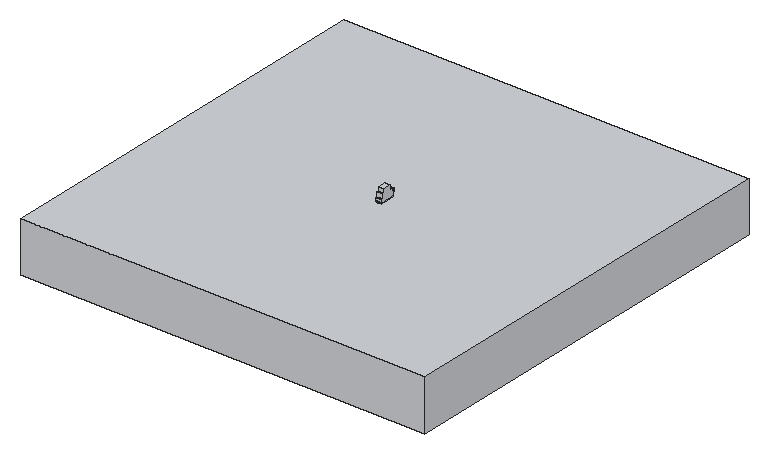
Revit family "Gira_545200", category Elektroinstallationen, Revit 2017
Family settings
  Basisbauteil = Fläche
  Beschriftungsausrichtung beibehalten = Nein
  Bemaßung runder Anschluss = Durchmesser verwenden
  Teiletyp = Normal
  Beim Laden mit Abzugskörper schneiden = Nein
  Gemeinsam genutzt = Nein
  Raumberechnungspunkt = Nein
Parameters (values of type "Funk Empfangsmodul REG Gira eNet")
  Zusammenstellung = ""
  Werkstoffgüte = ""
  Werkstoff Text = ""
  Default Elevation = 1219.2 mm
  Vor Ort-/Handbedienung = no
  Verwendbar mit Zeitschalter/Timer = no
  Verwendbar mit Taste = no
  Verwendbar mit Präsenzmelder = no
  Verwendbar mit IR-Taste = no
  Verwendbar mit Funktaste = no
  Verwendbar mit Bewegungsmelder = no
  Verschiedene Phasen anschließbar = no
  URL = "https://www.gira.de/"
  Typname = "Funk Empfangsmodul REG Gira eNet"
  Type Comments = ""
  Transparent = no
  Stromart = ""
  Seriendimmer = no
  Schutzart (IP) = ""
  Produktseite = "https://media.stage.bim.site/t/eyJhbGciOiJIUzI1NiIsInR5cCI6IkpXVCJ9.eyJjdCI6MiwidHUiOiJodHRwOi8va2F0YWxvZy5naXJhLmRlL2RlX0RFL2RhdGVuYmxhdHQuaHRtbD9hcnRpa2VsbnI9NTQ1MjAwIiwiY2lkIjoiMzI3N2NjMjMtODFhOS00ZWUzLWE5MGEtYjQ3YmI0YzBiNjE2IiwicmlkIjoiOWY4NzUwMzk3MjY3YmZmNWQ5NjU0NTY3ZjI1YmM0NGQiLCJwaWQiOiI5ZWI1ODUzZTAyNjVmNDQ3ZjliOTk0NjlkNTc1Y2NiZDUyODA0MzVkIiwic2lkIjoiNjM0NzAiLCJ1dCI6MSwibGMiOiJkZSIsImlhdCI6MTYwMDk0MDUzNywiaXNzIjoiaHR0cHM6Ly9hcGkubGl2ZS5iaW0uc2l0ZSIsInN1YiI6ImFkbWluQGJpbXNpdGUuZGV2In0.c9EuzbcXhOHO7Euaghd8JF8TNC1o2RAzfvtooBsJbfI"
  Parallel-Betrieb möglich = no
  Oberfläche Text = ""
  Nennspannung [Volt] = ""
  Nebenstelleneingang = no
  Montageart = ""
  Modulare Erweiterungsmöglichkeit = no
  Model = ""
  Mit LED-Anzeige = no
  Mit Busankopplung = no
  Mit Beschriftungsfeld = no
  Max. Schaltleistung [Voltampere] = 0
  Max. Anzahl der Schaltausgänge = 0
  Max. Anzahl der Jalousieausgänge = 0
  Lichtwertspeicher = no
  Leistungszusatz verwendbar = no
  Lastart = ""
  Kosten = 0
  Installationstechnik = ""
  Hersteller = "Gira"
  HeinzeBIM = "https://www.heinze.de/bim/funk-empfangsmodul-reg-gira-enet/9eb5853e0265f447f9b99469d575ccbd5280435d"
  Halogenfrei = no
  HAN = "545200"
  Geeignet für Schutzart (IP) = ""
  Geeignet für C-Last = no
  GTIN = "4010337774303"
  Funktion Schalten = no
  Funktion = ""
  Funk bidirektional = no
  Frequenz [Hz] = ""
  Farbe = ""
  Dimmung Phasenanschnitt = no
  Dimmung Phasenabschnitt = no
  Datenblatt 1 = "https://media.stage.bim.site/t/eyJhbGciOiJIUzI1NiIsInR5cCI6IkpXVCJ9.eyJjdCI6MSwidGYiOiJwdWJsaWMvZ2lyYS9hZThjNTU3LzU0NTIwMC50eHQiLCJjaWQiOiIzMjc3Y2MyMy04MWE5LTRlZTMtYTkwYS1iNDdiYjRjMGI2MTYiLCJyaWQiOiI5Zjg3NTAzOTcyNjdiZmY1ZDk2NTQ1NjdmMjViYzQ0ZCIsInBpZCI6IjllYjU4NTNlMDI2NWY0NDdmOWI5OTQ2OWQ1NzVjY2JkNTI4MDQzNWQiLCJzaWQiOiI2MzQ3MCIsInV0IjoxLCJsYyI6ImRlIiwiaWF0IjoxNjAwOTQwNTM3LCJpc3MiOiJodHRwczovL2FwaS5saXZlLmJpbS5zaXRlIiwic3ViIjoiYWRtaW5AYmltc2l0ZS5kZXYifQ.IZCjpQkYEjfqARWX6xsUj-2AZvLWXbPr6oja-W6l44Q/545200.txt"
  Datenblatt = "https://media.stage.bim.site/t/eyJhbGciOiJIUzI1NiIsInR5cCI6IkpXVCJ9.eyJjdCI6MSwidHUiOiJodHRwczovL2thdGFsb2cuZ2lyYS5kZS9kZV9ERS9kb3dubG9hZC5odG1sP2FydGlrZWxucj01NDUyMDAiLCJjaWQiOiIzMjc3Y2MyMy04MWE5LTRlZTMtYTkwYS1iNDdiYjRjMGI2MTYiLCJyaWQiOiI5Zjg3NTAzOTcyNjdiZmY1ZDk2NTQ1NjdmMjViYzQ0ZCIsInBpZCI6IjllYjU4NTNlMDI2NWY0NDdmOWI5OTQ2OWQ1NzVjY2JkNTI4MDQzNWQiLCJzaWQiOiI2MzQ3MCIsInV0IjoxLCJsYyI6ImRlIiwiaWF0IjoxNjAwOTQwNTM3LCJpc3MiOiJodHRwczovL2FwaS5saXZlLmJpbS5zaXRlIiwic3ViIjoiYWRtaW5AYmltc2l0ZS5kZXYifQ.lVVm_qpu50cs_aXuQWQPrIPZ-wmf_R6ovYVtAsSeJro"
  Bussystem Powernet = no
  Bussystem LON = no
  Bussystem KNX-Funk = no
  Bussystem KNX = no
  Bussystem Funkbus = no
  Breite in Teilungseinheiten = 0
  Beschreibung = "eNet Funk Empfangsmodul  REG Merkmale:  Das eNet Funk Empfangsmodul ist ein Funkempfänger für max. 32 eNet Funk Reiheneinbaumodule.  Betrieb mit Spannungsversorgung.  Integrierte Antenne.  Externe Antenne zusätzlich anschließbar bei ungünstigen Einbaubedingungen.  Hinweise :  Die Funkzulassung gilt für Staaten der EU und EFTA.  Beim Einbau in Verteilerschrank bzw. Unterverteilung mit Metallgehäuse ist eine Zusatzantenne erforderlich. Die Zusatzantenne ist außerhalb des Metallgehäuses zu platzieren."
  Befestigungsart = ""
  Bedienungsart = ""
  Assembly Code = ""
  Keynote = ""
  BIMSITE_PRODUCT_ID = "9eb5853e0265f447f9b99469d575ccbd5280435d"
  BIM = "https://media.stage.bim.site/t/eyJhbGciOiJIUzI1NiIsInR5cCI6IkpXVCJ9.eyJjdCI6MSwidGYiOiJwdWJsaWMvZ2lyYS9hZThjNTU3L0dpcmEgWDEgUkVHIEtOWC5yZmEiLCJjaWQiOiIzMjc3Y2MyMy04MWE5LTRlZTMtYTkwYS1iNDdiYjRjMGI2MTYiLCJyaWQiOiI5Zjg3NTAzOTcyNjdiZmY1ZDk2NTQ1NjdmMjViYzQ0ZCIsInBpZCI6IjllYjU4NTNlMDI2NWY0NDdmOWI5OTQ2OWQ1NzVjY2JkNTI4MDQzNWQiLCJzaWQiOiI2MzQ3MCIsInV0Ijo1LCJsYyI6ImRlIiwiaWF0IjoxNjAwOTQwNTM3LCJpc3MiOiJodHRwczovL2FwaS5saXZlLmJpbS5zaXRlIiwic3ViIjoiYWRtaW5AYmltc2l0ZS5kZXYifQ.diE-AymNzpVckBtrYkBuQuun00khghmQmqKBLYB56C0/Gira X1 REG KNX.rfa"
  Ausgangsleistung [Voltampere] = ""
  Ausführung der Oberfläche = ""
  Ausführung Text = ""
  Art des Zubehörs = "sonstige"
  App-Steuerung über Bluetooth = no
  Anzahl der binären Eingänge = 0
  Anzahl der Eingänge = 0
  Anzahl der Ausgänge = 0
  Anschlussart = ""
  Andere Bussysteme = ""
Reference planes
  plane 1 "Center (Front/Back)": y = 0
  plane 2: z = 0
  plane 3 "Center (Left/Right)": x = 0
Forms (mm)
  Extrusion 1, solid
    sketch origin (0, 0, 0) x (1, 0, 0) y (0, 1, 0)
      loop
        line (-1219.2, 1219.2) -> (-1219.2, -1219.2) -> (1219.2, -1219.2) -> (1219.2, 1219.2) -> (-1219.2, 1219.2)
    from 0 to -304.8
  Extrusion 2, solid, detail levels fine
    sketch origin (0, -0.2, 0) x (0, 1, 0) y (0, 0, 1)
      loop
        line (22.65, 43.82) -> (22.65, 68.77) -> (-22.25, 68.77) -> (-22.25, 43.82) -> (-30.4, 43.82) -> (-30.4, 19.42) -> (-44.8, 19.42) -> (-44.8, 1.97) -> (45.192, 1.97) -> (45.192, 28.47) -> (32.925, 28.47) -> (32.831, 39.259) -> (31.225, 41.242) -> (31.225, 43.82) -> (22.65, 43.82)
    from -17.95 to 17.95
  Extrusion 3, solid, detail levels fine
    sketch origin (0, -0.2, 0) x (0, 1, 0) y (0, 0, 1)
      loop
        line (45.192, 43.82) -> (31.225, 43.82) -> (31.225, 41.242) -> (32.831, 39.259) -> (32.925, 28.47) -> (45.192, 28.47) -> (45.192, 43.82)
    from -17.95 to -15.8
  Extrusion 4, solid, detail levels fine
    sketch origin (0, -0.2, 0) x (0, 1, 0) y (0, 0, -1)
      loop
        line (45.192, -43.82) -> (45.192, -28.47) -> (32.925, -28.47) -> (32.831, -39.259) -> (31.225, -41.242) -> (31.225, -43.82) -> (45.192, -43.82)
    from -17.95 to -15.8
  Extrusion 5, solid, detail levels fine
    sketch origin (0, -0.2, 0) x (0, 1, 0) y (0, 0, 1)
      loop
        line (31.5, 42.848) -> (31.5, 40.412)
        arc (31.5, 40.412) -> (38.359, 39.512) -> (45.192, 38.435) r 267
        line (45.192, 38.435) -> (45.192, 14.255)
        arc (45.192, 14.255) -> (50.205, 15.189) -> (55.2, 16.219) r 264.9
        line (55.2, 16.219) -> (55.2, 38.933)
        arc (55.2, 38.933) -> (43.394, 41.159) -> (31.5, 42.848) r 265
    from -15.506 to 15.5
  Extrusion 6, solid, detail levels fine
    sketch origin (0, -0.2, 0) x (0, 1, 0) y (0, 0, 1)
      loop
        line (45.2, 1.5) -> (17.774, 1.5) -> (17.905, -6.017)
        arc (17.905, -6.017) -> (20.285, -6.454) -> (22.7, -6.6) r 20
        arc (22.7, -6.6) -> (33.985, -5.009) -> (45.128, -2.618) r 160
        line (45.128, -2.618) -> (45.2, 1.5)
    from -17.95 to 18
  Extrusion 7, solid, detail levels fine
    sketch origin (0, -0.2, 0) x (0, 1, 0) y (0, 0, 1)
      loop
        line (17.905, -6.017) -> (17.824, -1.4) -> (16.8, -1.4) -> (14.749, -4.952)
        arc (14.749, -4.952) -> (16.305, -5.55) -> (17.905, -6.017) r 20
    from -17.95 to -13
  Extrusion 8, solid, detail levels fine
    sketch origin (0, -0.2, 0) x (0, 1, 0) y (0, 0, -1)
      loop
        arc (17.905, 6.017) -> (16.305, 5.55) -> (14.749, 4.952) r 20
        line (14.749, 4.952) -> (16.8, 1.4) -> (17.824, 1.4) -> (17.905, 6.017)
    from -17.95 to -13
  Extrusion 9, solid, detail levels fine
    sketch origin (0, -0.2, 0) x (0, 1, 0) y (0, 0, 1)
      loop
        line (17.8, 0) -> (17.774, 1.5) -> (-44.8, 1.5) -> (-44.774, 0) -> (17.8, 0)
    from -17.95 to 17.95
  Extrusion 10, solid, detail levels fine
    sketch origin (0, 0, 0) x (0, 1, 0) y (0, 0, 1)
      loop
        line (-48.916, -3.317) -> (-44.906, -3.881) -> (-44.974, 0) -> (-48.916, 0) -> (-48.916, -3.317)
    from -4.803 to 4.797
  Extrusion 11, solid, detail levels fine
    sketch origin (0, 0, 0) x (0, 1, 0) y (0, 0, 1)
      loop
        arc (-22.5, -6.6) -> (-20.811, -6.529) -> (-19.134, -6.315) r 20
        line (-19.134, -6.315) -> (-18.029, -3.279) -> (-18, 0) -> (-44.974, 0) -> (-44.928, -2.618)
        arc (-44.928, -2.618) -> (-33.785, -5.009) -> (-22.5, -6.6) r 160
    from -17.95 to -10.5
  Extrusion 12, solid, detail levels fine
    sketch origin (0, 0, 0) x (0, 1, 0) y (0, 0, -1)
      loop
        arc (-22.5, 6.6) -> (-33.785, 5.009) -> (-44.928, 2.618) r 160
        line (-44.928, 2.618) -> (-44.974, 0) -> (-18, 0) -> (-18.029, 3.279) -> (-19.134, 6.315)
        arc (-19.134, 6.315) -> (-20.811, 6.529) -> (-22.5, 6.6) r 20
    from -17.95 to -10.5
  Extrusion 13, solid, detail levels fine
    sketch origin (0, 0, 0) x (0, 1, 0) y (0, 0, 1)
      loop
        line (-30.708, -6.6) -> (-30.65, 0) -> (-44.974, 0) -> (-44.859, -6.6) -> (-30.708, -6.6)
    from -10.5 to 10.5
  Extrusion 14, solid, detail levels fine
    sketch origin (0, 0, 0) x (1, 0, 0) y (0, 1, 0)
      loop
        circle (-0.003, -20.023) r 1
    from -7.682 to 0
  Extrusion 15, solid, detail levels fine
    sketch origin (0, 0, 0) x (0, 1, 0) y (0, 0, 1)
      loop
        line (-17.523, -0.8) -> (-17.523, 0) -> (-30.65, 0) -> (-30.684, -3.9) -> (-27.106, -3.9) -> (-27.106, -5.6) -> (-19.623, -6.6) -> (-18.03, -6.6) -> (-15.023, -2.682) -> (-15.023, -1.517) -> (-17.523, -0.8)
    from -4.503 to 4.5
  Extrusion 16, solid, detail levels fine
    sketch origin (0, 0, 0) x (1, 0, 0) y (0, 1, 0)
      loop
        line (16.859, 43.848) -> (-16.859, 43.848) -> (-16.859, -43.859) -> (16.859, -43.859) -> (16.859, 43.848)
    from 1.5 to 4
  Extrusion 17, solid, detail levels medium
    sketch origin (0, 0, 0) x (0, 1, 0) y (0, 0, 1)
      loop
        line (22.45, 68.77) -> (-22.45, 68.77) -> (-22.45, 43.82) -> (-30.6, 43.82) -> (-30.6, 19.42) -> (-45, 19.42) -> (-45, 0) -> (-48.916, 0) -> (-48.916, -6.6) -> (-15.023, -6.6) -> (-15.023, 0) -> (14.549, 0) -> (14.549, -6.6) -> (44.992, -6.6) -> (44.992, 14.255)
        arc (44.992, 14.255) -> (50.005, 15.189) -> (55, 16.219) r 264.9
        line (55, 16.219) -> (55, 38.933)
        arc (55, 38.933) -> (50.005, 39.943) -> (44.992, 40.856) r 265
        line (44.992, 40.856) -> (44.992, 43.82) -> (22.45, 43.82) -> (22.45, 68.77)
    from -17.95 to 17.95
  Extrusion 18, solid, detail levels coarse
    sketch origin (0, 0, 0) x (1, 0, 0) y (0, 1, 0)
      loop
        line (-17.95, 55) -> (-17.95, -48.916) -> (17.95, -48.916) -> (17.95, 55) -> (-17.95, 55)
    from -7.682 to 68.77
Dimensions and locks
  aligned and locked: plane 2 to Extrusion 1
  aligned and locked: level to Extrusion 1
Connectors
  electrical at (0, -13.687, 0)
    settings: on Extrusion 9, index 1, voltage 24 V, apparent load 0 VA, apparent load phase1 0 VA, apparent load phase2 0 VA, apparent load phase3 0 VA, power factor 1, load classification "Other", number of poles 1, system type 30, power factor state 1, is connector primary yes, connector utility no, sub classification motor no, connector description ""
